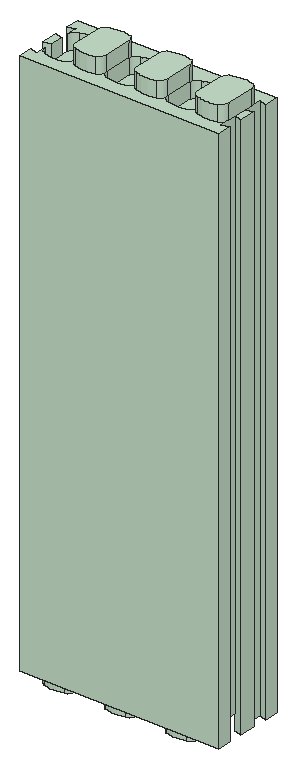
Revit family
Parameters (values of type "152 mm End Cap")
  URL = "www.nudura.com"
  Model = "152 mm End Cap"
  Manufacturer = "NUDURA Corporation"
Reference planes
  plane 1 "Center (Front/Back)": y = 0
  plane 2: z = 0
  plane 3 "Center (Left/Right)": x = 0
Forms (mm)
  Extrusion 1, solid, material "EPS- NUDURA- Foam Panel"
    sketch origin (0.042, 0, 0) x (1, 0, 0) y (0, 1, 0)
      loop
        line (0, 0) -> (165.1, 0) -> (165.1, 11.396) -> (158.75, 9.695) -> (158.75, 25.112) -> (165.1, 23.529) -> (165.1, 36.796) -> (158.75, 35.095) -> (158.75, 50.512) -> (165.1, 48.929) -> (165.1, 60.325) -> (0, 60.325) -> (0, 48.929) -> (6.35, 50.63) -> (6.35, 35.213) -> (0, 36.796) -> (0, 23.529) -> (6.35, 25.23) -> (6.35, 9.813) -> (0, 11.396) -> (0, 0)
    from 0 to 457.2
  Extrusion 2, void
    sketch origin (-0.354, 0, 0) x (1, 0, 0) y (0, 1, 0)
      loop
        arc (75.825, 50.506) -> (75.283, 49.316) -> (74.029, 48.946) r 1.575
        arc (74.029, 48.946) -> (67.927, 49.113) -> (61.943, 47.903) r 26.987
        arc (61.943, 47.903) -> (58.762, 45.597) -> (57.547, 41.861) r 6.35
        line (57.547, 41.861) -> (57.547, 18.464)
        arc (57.547, 18.464) -> (58.762, 14.728) -> (61.943, 12.422) r 6.35
        arc (61.943, 12.422) -> (70.247, 11.112) -> (78.551, 12.422) r 26.987
        arc (78.551, 12.422) -> (81.732, 14.728) -> (82.947, 18.464) r 6.35
        line (82.947, 18.464) -> (82.947, 41.861)
        arc (82.947, 41.861) -> (82.6, 43.93) -> (81.599, 45.773) r 6.35
        arc (81.599, 45.773) -> (81.35, 46.23) -> (81.265, 46.743) r 1.575
        line (81.265, 46.743) -> (81.265, 56.142) -> (75.825, 56.142) -> (75.825, 50.506)
    from 457.2 to 444.5
  Extrusion 3, void
    sketch origin (50.446, 0, 0) x (1, 0, 0) y (0, 1, 0)
      loop
        arc (75.825, 50.506) -> (75.283, 49.316) -> (74.029, 48.946) r 1.575
        arc (74.029, 48.946) -> (67.927, 49.113) -> (61.943, 47.903) r 26.987
        arc (61.943, 47.903) -> (58.762, 45.597) -> (57.547, 41.861) r 6.35
        line (57.547, 41.861) -> (57.547, 18.464)
        arc (57.547, 18.464) -> (58.762, 14.728) -> (61.943, 12.422) r 6.35
        arc (61.943, 12.422) -> (70.247, 11.112) -> (78.551, 12.422) r 26.987
        arc (78.551, 12.422) -> (81.732, 14.728) -> (82.947, 18.464) r 6.35
        line (82.947, 18.464) -> (82.947, 41.861)
        arc (82.947, 41.861) -> (82.6, 43.93) -> (81.599, 45.773) r 6.35
        arc (81.599, 45.773) -> (81.35, 46.23) -> (81.265, 46.743) r 1.575
        line (81.265, 46.743) -> (81.265, 56.142) -> (75.825, 56.142) -> (75.825, 50.506)
    from 457.2 to 444.5
  Extrusion 4, void
    sketch origin (-51.154, 0, 0) x (1, 0, 0) y (0, 1, 0)
      loop
        arc (75.825, 50.506) -> (75.283, 49.316) -> (74.029, 48.946) r 1.575
        arc (74.029, 48.946) -> (67.927, 49.113) -> (61.943, 47.903) r 26.987
        arc (61.943, 47.903) -> (58.762, 45.597) -> (57.547, 41.861) r 6.35
        line (57.547, 41.861) -> (57.547, 18.464)
        arc (57.547, 18.464) -> (58.762, 14.728) -> (61.943, 12.422) r 6.35
        arc (61.943, 12.422) -> (70.247, 11.112) -> (78.551, 12.422) r 26.987
        arc (78.551, 12.422) -> (81.732, 14.728) -> (82.947, 18.464) r 6.35
        line (82.947, 18.464) -> (82.947, 41.861)
        arc (82.947, 41.861) -> (82.6, 43.93) -> (81.599, 45.773) r 6.35
        arc (81.599, 45.773) -> (81.35, 46.23) -> (81.265, 46.743) r 1.575
        line (81.265, 46.743) -> (81.265, 56.142) -> (75.825, 56.142) -> (75.825, 50.506)
    from 457.2 to 444.5
  Extrusion 5, void
    sketch origin (0.042, 0, 0) x (1, 0, 0) y (0, 1, 0)
      loop
        line (140.472, 50.506) -> (140.472, 56.142) -> (135.032, 56.142) -> (135.032, 46.743)
        arc (135.032, 46.743) -> (134.946, 46.23) -> (134.698, 45.773) r 1.575
        arc (134.698, 45.773) -> (133.696, 43.93) -> (133.35, 41.861) r 6.35
        line (133.35, 41.861) -> (133.35, 18.464)
        arc (133.35, 18.464) -> (134.565, 14.728) -> (137.746, 12.422) r 6.35
        arc (137.746, 12.422) -> (146.05, 11.112) -> (154.354, 12.422) r 26.987
        arc (154.354, 12.422) -> (157.535, 14.728) -> (158.75, 18.464) r 6.35
        line (158.75, 18.464) -> (158.75, 41.861)
        arc (158.75, 41.861) -> (157.535, 45.597) -> (154.354, 47.903) r 6.35
        arc (154.354, 47.903) -> (148.37, 49.113) -> (142.268, 48.946) r 26.987
        arc (142.268, 48.946) -> (141.014, 49.316) -> (140.472, 50.506) r 1.575
      loop
        line (89.672, 50.506) -> (89.672, 56.142) -> (84.232, 56.142) -> (84.232, 46.743)
        arc (84.232, 46.743) -> (84.146, 46.23) -> (83.898, 45.773) r 1.575
        arc (83.898, 45.773) -> (82.896, 43.93) -> (82.55, 41.861) r 6.35
        line (82.55, 41.861) -> (82.55, 18.464)
        arc (82.55, 18.464) -> (83.765, 14.728) -> (86.946, 12.422) r 6.35
        arc (86.946, 12.422) -> (95.25, 11.112) -> (103.554, 12.422) r 26.987
        arc (103.554, 12.422) -> (106.735, 14.728) -> (107.95, 18.464) r 6.35
        line (107.95, 18.464) -> (107.95, 41.861)
        arc (107.95, 41.861) -> (106.735, 45.597) -> (103.554, 47.903) r 6.35
        arc (103.554, 47.903) -> (97.57, 49.113) -> (91.468, 48.946) r 26.987
        arc (91.468, 48.946) -> (90.214, 49.316) -> (89.672, 50.506) r 1.575
      loop
        line (38.872, 50.506) -> (38.872, 56.142) -> (33.432, 56.142) -> (33.432, 46.743)
        arc (33.432, 46.743) -> (33.346, 46.23) -> (33.098, 45.773) r 1.575
        arc (33.098, 45.773) -> (32.096, 43.93) -> (31.75, 41.861) r 6.35
        line (31.75, 41.861) -> (31.75, 18.464)
        arc (31.75, 18.464) -> (32.965, 14.728) -> (36.146, 12.422) r 6.35
        arc (36.146, 12.422) -> (44.45, 11.112) -> (52.754, 12.422) r 26.987
        arc (52.754, 12.422) -> (55.935, 14.728) -> (57.15, 18.464) r 6.35
        line (57.15, 18.464) -> (57.15, 41.861)
        arc (57.15, 41.861) -> (55.935, 45.597) -> (52.754, 47.903) r 6.35
        arc (52.754, 47.903) -> (46.77, 49.113) -> (40.668, 48.946) r 26.987
        arc (40.668, 48.946) -> (39.414, 49.316) -> (38.872, 50.506) r 1.575
    from 0 to 12.7
Cuts and joins
  Extrusion 2, Extrusion 3, Extrusion 4, Extrusion 5 cuts Extrusion 1
Dimensions and locks
  aligned and locked: level to plane 2
Nested families
  nested 1: "Capture Lugs" at (82.592, 142.875, 0), type "Capture Lugs"
  nested 2: "Interlock Tooth" at (31.792, 142.875, 0), type "Interlock Tooth"
  nested 3: "Interlock Tooth" at (82.592, 142.875, 0), type "Interlock Tooth"
  nested 4: "Interlock Tooth" at (133.392, 142.875, 0), type "Interlock Tooth"
  nested 5: "Interlock Tooth" at (107.992, 142.875, -469.9), type "Interlock Tooth"
  nested 6: "Interlock Tooth" at (57.192, 142.875, -469.9), type "Interlock Tooth"
  nested 7: "Interlock Tooth" at (6.392, 142.875, -469.9), type "Interlock Tooth"
  nested 8: "NUDURA Logo Diamond without Outside Line" at (-222.142, 0, 0), type "NUDURA Logo Diamond without Outside Line"
Definition of nested family "Capture Lugs"
  Reference planes
    plane 1 "Center (Front/Back)": y = 0
    plane 2: z = 0
    plane 3 "Center (Left/Right)": x = 0
  Forms (mm)
    Extrusion 1, solid, material "High Density Polystyrene- NUDURA"
      sketch origin (0, 0, 0) x (0, 1, 0) y (0, 0, 1)
        loop
          arc (-82.55, 0) -> (-81.817, 0.502) -> (-81.534, 1.344) r 1.397
          line (-81.534, 1.344) -> (-81.534, 449.4)
          arc (-81.534, 449.4) -> (-81.817, 450.243) -> (-82.55, 450.744) r 1.397
          line (-82.55, 450.744) -> (-82.55, 0)
      from 9.227 to -9.227
    Extrusion 2, solid, material "High Density Polystyrene- NUDURA"
      sketch origin (0, 0, 0) x (0, 1, 0) y (0, 0, 1)
        loop
          line (-81.534, 410.919) -> (-81.534, 380.439) -> (-68.834, 380.439) -> (-68.834, 410.919) -> (-81.534, 410.919)
        loop
          line (-81.534, 361.389) -> (-81.534, 330.909) -> (-68.834, 330.909) -> (-68.834, 361.389) -> (-81.534, 361.389)
        loop
          line (-81.534, 311.859) -> (-81.534, 281.379) -> (-68.834, 281.379) -> (-68.834, 311.859) -> (-81.534, 311.859)
        loop
          line (-81.534, 262.329) -> (-81.534, 234.897) -> (-68.834, 234.897) -> (-68.834, 262.329) -> (-81.534, 262.329)
        loop
          line (-81.534, 215.847) -> (-81.534, 188.415) -> (-68.834, 188.415) -> (-68.834, 215.847) -> (-81.534, 215.847)
        loop
          line (-81.534, 169.365) -> (-81.534, 138.885) -> (-68.834, 138.885) -> (-68.834, 169.365) -> (-81.534, 169.365)
        loop
          line (-81.534, 119.835) -> (-81.534, 89.355) -> (-68.834, 89.355) -> (-68.834, 119.835) -> (-81.534, 119.835)
        loop
          line (-81.534, 70.305) -> (-81.534, 39.825) -> (-68.834, 39.825) -> (-68.834, 70.305) -> (-81.534, 70.305)
      from 6.35 to -6.35
    Extrusion 3, void
      sketch origin (0, 0, 0) x (1, 0, 0) y (0, 1, 0)
        loop
          arc (-6.35, -70.929) -> (-5.736, -69.448) -> (-4.255, -68.834) r 2.095
          line (-4.255, -68.834) -> (-6.35, -68.834) -> (-6.35, -70.929)
      from 0 to 457.2
    Extrusion 4, void
      sketch origin (0, 0, 0) x (-1, 0, 0) y (0, -1, 0)
        loop
          line (-6.35, 70.929) -> (-6.35, 68.834) -> (-4.255, 68.834)
          arc (-4.255, 68.834) -> (-5.736, 69.448) -> (-6.35, 70.929) r 2.095
      from 0 to 457.2
    Extrusion 5, void
      sketch origin (0, 0, 0) x (1, 0, 0) y (0, 1, 0)
        loop
          arc (-1.191, -72.009) -> (0, -78.127) -> (1.191, -72.009) r 3.175
          line (1.191, -72.009) -> (1.191, -68.834) -> (-1.191, -68.834) -> (-1.191, -72.009)
      from 0 to 457.2
  Cuts and joins
    Extrusion 3, Extrusion 4 cuts Extrusion 1
    Extrusion 3, Extrusion 4, Extrusion 5 cuts Extrusion 2
Definition of nested family "Interlock Tooth"
  Reference planes
    plane 1 "Center (Front/Back)": y = 0
    plane 2: z = 0
    plane 3 "Center (Left/Right)": x = 0
    plane 4: z = 457.2
    plane 5: z = 469.9
    plane 6: z = -12.7
  Forms (mm)
    Extrusion 1, solid, material "EPS- NUDURA- Foam Panel"
      sketch origin (0, -225.425, 0) x (1, 0, 0) y (0, 1, 0)
        loop
          arc (0, 101.014) -> (1.215, 97.278) -> (4.396, 94.972) r 6.35
          arc (4.396, 94.972) -> (12.7, 93.663) -> (21.004, 94.972) r 26.988
          arc (21.004, 94.972) -> (24.185, 97.278) -> (25.4, 101.014) r 6.35
          line (25.4, 101.014) -> (25.4, 124.411)
          arc (25.4, 124.411) -> (24.185, 128.147) -> (21.004, 130.453) r 6.35
          arc (21.004, 130.453) -> (12.7, 131.763) -> (4.396, 130.453) r 26.987
          arc (4.396, 130.453) -> (1.215, 128.147) -> (0, 124.411) r 6.35
          line (0, 124.411) -> (0, 101.014)
      from 457.2 to 469.9
  Dimensions and locks
    locked: plane 4 to level at 457.2
    locked: plane 4 to plane 5 at 12.7
    locked: plane 6 to level at 12.7
Definition of nested family "NUDURA Logo Diamond without Outside Line"
  Reference planes
    plane 1 "Center (Front/Back)": y = 0
    plane 2: z = 0
    plane 3 "Center (Left/Right)": x = 0
  Lines and regions (mm)
    model lines
      curve 1: line (320.001, 0, 444.526) -> (311.021, 0, 453.507)
      curve 2: line (313.973, 0, 425.925) -> (320.001, 0, 431.954)
      curve 3: line (320.001, 0, 406.426) -> (313.973, 0, 412.455)
      curve 4: line (313.973, 0, 387.825) -> (320.001, 0, 393.854)
      curve 5: line (320.001, 0, 368.326) -> (313.973, 0, 374.355)
      curve 6: line (313.973, 0, 349.725) -> (320.001, 0, 355.754)
      curve 7: line (309.225, 0, 337.411) -> (322.887, 0, 323.749)
      curve 8: line (322.887, 0, 323.749) -> (324.683, 0, 325.545)
      curve 9: line (286.583, 0, 323.749) -> (300.245, 0, 337.411)
      curve 10: line (295.497, 0, 336.255) -> (284.787, 0, 325.545)
      curve 11: line (289.468, 0, 355.754) -> (295.497, 0, 349.725)
      curve 12: line (295.497, 0, 374.355) -> (289.468, 0, 368.326)
      curve 13: line (289.468, 0, 393.854) -> (295.497, 0, 387.825)
      curve 14: line (295.497, 0, 412.455) -> (289.468, 0, 406.426)
      curve 15: line (289.468, 0, 431.954) -> (295.497, 0, 425.925)
      curve 16: line (298.449, 0, 453.507) -> (289.468, 0, 444.526)
      curve 17: line (300.245, 0, 451.711) -> (291.265, 0, 442.73)
      curve 18: line (318.205, 0, 442.73) -> (309.225, 0, 451.711)
      curve 19: line (309.225, 0, 424.77) -> (318.205, 0, 433.75)
      curve 20: line (291.265, 0, 433.75) -> (300.245, 0, 424.77)
      curve 21: arc (289.468, 0, 444.526) -> (286.865, 0, 438.24) -> (289.468, 0, 431.954) r 8.89
      curve 22: arc (298.449, 0, 453.507) -> (304.735, 0, 456.111) -> (311.021, 0, 453.507) r 8.89
      curve 23: arc (291.265, 0, 442.73) -> (289.405, 0, 438.24) -> (291.265, 0, 433.75) r 6.35
      curve 24: arc (318.205, 0, 442.73) -> (320.065, 0, 438.24) -> (318.205, 0, 433.75) r 6.35
      curve 25: arc (309.225, 0, 424.77) -> (304.735, 0, 422.91) -> (300.245, 0, 424.77) r 6.35
      curve 26: arc (300.245, 0, 451.711) -> (304.735, 0, 453.571) -> (309.225, 0, 451.711) r 6.35
      curve 27: arc (320.001, 0, 444.526) -> (322.605, 0, 438.24) -> (320.001, 0, 431.954) r 8.89
      curve 28: arc (295.497, 0, 425.925) -> (298.287, 0, 419.19) -> (295.497, 0, 412.455) r 9.525
      curve 29: arc (313.973, 0, 425.925) -> (311.183, 0, 419.19) -> (313.973, 0, 412.455) r 9.525
      curve 30: line (313.973, 0, 387.825) -> (320.001, 0, 393.854)
      curve 31: line (289.468, 0, 393.854) -> (295.497, 0, 387.825)
      curve 32: line (300.245, 0, 413.611) -> (291.265, 0, 404.63)
      curve 33: line (318.205, 0, 404.63) -> (309.225, 0, 413.611)
      curve 34: line (309.225, 0, 386.67) -> (318.205, 0, 395.65)
      curve 35: line (291.265, 0, 395.65) -> (300.245, 0, 386.67)
      curve 36: arc (289.468, 0, 406.426) -> (286.865, 0, 400.14) -> (289.468, 0, 393.854) r 8.89
      curve 37: arc (291.265, 0, 404.63) -> (289.405, 0, 400.14) -> (291.265, 0, 395.65) r 6.35
      curve 38: arc (318.205, 0, 404.63) -> (320.065, 0, 400.14) -> (318.205, 0, 395.65) r 6.35
      curve 39: arc (309.225, 0, 386.67) -> (304.735, 0, 384.81) -> (300.245, 0, 386.67) r 6.35
      curve 40: arc (300.245, 0, 413.611) -> (304.735, 0, 415.471) -> (309.225, 0, 413.611) r 6.35
      curve 41: arc (320.001, 0, 406.426) -> (322.605, 0, 400.14) -> (320.001, 0, 393.854) r 8.89
      curve 42: line (295.497, 0, 412.455) -> (289.468, 0, 406.426)
      curve 43: line (320.001, 0, 406.426) -> (313.973, 0, 412.455)
      curve 44: arc (295.497, 0, 387.825) -> (298.287, 0, 381.09) -> (295.497, 0, 374.355) r 9.525
      curve 45: arc (313.973, 0, 387.825) -> (311.183, 0, 381.09) -> (313.973, 0, 374.355) r 9.525
      curve 46: line (313.973, 0, 349.725) -> (320.001, 0, 355.754)
      curve 47: line (289.468, 0, 355.754) -> (295.497, 0, 349.725)
      curve 48: line (300.245, 0, 375.511) -> (291.265, 0, 366.53)
      curve 49: line (318.205, 0, 366.53) -> (309.225, 0, 375.511)
      curve 50: line (309.225, 0, 348.57) -> (318.205, 0, 357.55)
      curve 51: line (291.265, 0, 357.55) -> (300.245, 0, 348.57)
      curve 52: arc (289.468, 0, 368.326) -> (286.865, 0, 362.04) -> (289.468, 0, 355.754) r 8.89
      curve 53: arc (291.265, 0, 366.53) -> (289.405, 0, 362.04) -> (291.265, 0, 357.55) r 6.35
      curve 54: arc (318.205, 0, 366.53) -> (320.065, 0, 362.04) -> (318.205, 0, 357.55) r 6.35
      curve 55: arc (309.225, 0, 348.57) -> (304.735, 0, 346.71) -> (300.245, 0, 348.57) r 6.35
      curve 56: arc (300.245, 0, 375.511) -> (304.735, 0, 377.371) -> (309.225, 0, 375.511) r 6.35
      curve 57: arc (320.001, 0, 368.326) -> (322.605, 0, 362.04) -> (320.001, 0, 355.754) r 8.89
      curve 58: line (295.497, 0, 374.355) -> (289.468, 0, 368.326)
      curve 59: arc (295.497, 0, 349.725) -> (298.287, 0, 342.99) -> (295.497, 0, 336.255) r 9.525
      curve 60: arc (313.973, 0, 349.725) -> (311.183, 0, 342.99) -> (313.973, 0, 336.255) r 9.525
      curve 61: line (324.683, 0, 325.545) -> (313.973, 0, 336.255)
      curve 62: line (284.787, 0, 325.545) -> (286.583, 0, 323.749)
      curve 63: arc (300.245, 0, 337.411) -> (304.735, 0, 339.271) -> (309.225, 0, 337.411) r 6.35
      curve 64: line (320.001, 0, 12.854) -> (311.021, 0, 3.874)
      curve 65: line (313.973, 0, 31.455) -> (320.001, 0, 25.426)
      curve 66: line (320.001, 0, 50.954) -> (313.973, 0, 44.925)
      curve 67: line (313.973, 0, 69.555) -> (320.001, 0, 63.526)
      curve 68: line (320.001, 0, 89.054) -> (313.973, 0, 83.025)
      curve 69: line (313.973, 0, 107.655) -> (320.001, 0, 101.626)
      curve 70: line (309.225, 0, 119.97) -> (322.887, 0, 133.632)
      curve 71: line (322.887, 0, 133.632) -> (324.683, 0, 131.836)
      curve 72: line (286.583, 0, 133.632) -> (300.245, 0, 119.97)
      curve 73: line (295.497, 0, 121.125) -> (284.787, 0, 131.836)
      curve 74: line (289.468, 0, 101.626) -> (295.497, 0, 107.655)
      curve 75: line (295.497, 0, 83.025) -> (289.468, 0, 89.054)
      curve 76: line (289.468, 0, 63.526) -> (295.497, 0, 69.555)
      curve 77: line (295.497, 0, 44.925) -> (289.468, 0, 50.954)
      curve 78: line (289.468, 0, 25.426) -> (295.497, 0, 31.455)
      curve 79: line (298.449, 0, 3.874) -> (289.468, 0, 12.854)
      curve 80: line (300.245, 0, 5.67) -> (291.265, 0, 14.65)
      curve 81: line (318.205, 0, 14.65) -> (309.225, 0, 5.67)
      curve 82: line (309.225, 0, 32.611) -> (318.205, 0, 23.63)
      curve 83: line (291.265, 0, 23.63) -> (300.245, 0, 32.611)
      curve 84: arc (289.468, 0, 12.854) -> (286.865, 0, 19.14) -> (289.468, 0, 25.426) r 8.89
      curve 85: arc (298.449, 0, 3.874) -> (304.735, 0, 1.27) -> (311.021, 0, 3.874) r 8.89
      curve 86: arc (291.265, 0, 14.65) -> (289.405, 0, 19.14) -> (291.265, 0, 23.63) r 6.35
      curve 87: arc (318.205, 0, 14.65) -> (320.065, 0, 19.14) -> (318.205, 0, 23.63) r 6.35
      curve 88: arc (309.225, 0, 32.611) -> (304.735, 0, 34.471) -> (300.245, 0, 32.611) r 6.35
      curve 89: arc (300.245, 0, 5.67) -> (304.735, 0, 3.81) -> (309.225, 0, 5.67) r 6.35
      curve 90: arc (320.001, 0, 12.854) -> (322.605, 0, 19.14) -> (320.001, 0, 25.426) r 8.89
      curve 91: arc (295.497, 0, 31.455) -> (298.287, 0, 38.19) -> (295.497, 0, 44.925) r 9.525
      curve 92: arc (313.973, 0, 31.455) -> (311.183, 0, 38.19) -> (313.973, 0, 44.925) r 9.525
      curve 93: line (313.973, 0, 69.555) -> (320.001, 0, 63.526)
      curve 94: line (289.468, 0, 63.526) -> (295.497, 0, 69.555)
      curve 95: line (300.245, 0, 43.77) -> (291.265, 0, 52.75)
      curve 96: line (318.205, 0, 52.75) -> (309.225, 0, 43.77)
      curve 97: line (309.225, 0, 70.711) -> (318.205, 0, 61.73)
      curve 98: line (291.265, 0, 61.73) -> (300.245, 0, 70.711)
      curve 99: arc (289.468, 0, 50.954) -> (286.865, 0, 57.24) -> (289.468, 0, 63.526) r 8.89
      curve 100: arc (291.265, 0, 52.75) -> (289.405, 0, 57.24) -> (291.265, 0, 61.73) r 6.35
      curve 101: arc (318.205, 0, 52.75) -> (320.065, 0, 57.24) -> (318.205, 0, 61.73) r 6.35
      curve 102: arc (309.225, 0, 70.711) -> (304.735, 0, 72.571) -> (300.245, 0, 70.711) r 6.35
      curve 103: arc (300.245, 0, 43.77) -> (304.735, 0, 41.91) -> (309.225, 0, 43.77) r 6.35
      curve 104: arc (320.001, 0, 50.954) -> (322.605, 0, 57.24) -> (320.001, 0, 63.526) r 8.89
      curve 105: line (295.497, 0, 44.925) -> (289.468, 0, 50.954)
      curve 106: line (320.001, 0, 50.954) -> (313.973, 0, 44.925)
      curve 107: arc (295.497, 0, 69.555) -> (298.287, 0, 76.29) -> (295.497, 0, 83.025) r 9.525
      curve 108: arc (313.973, 0, 69.555) -> (311.183, 0, 76.29) -> (313.973, 0, 83.025) r 9.525
      curve 109: line (313.973, 0, 107.655) -> (320.001, 0, 101.626)
      curve 110: line (289.468, 0, 101.626) -> (295.497, 0, 107.655)
      curve 111: line (300.245, 0, 81.87) -> (291.265, 0, 90.85)
      curve 112: line (318.205, 0, 90.85) -> (309.225, 0, 81.87)
      curve 113: line (309.225, 0, 108.811) -> (318.205, 0, 99.83)
      curve 114: line (291.265, 0, 99.83) -> (300.245, 0, 108.811)
      curve 115: arc (289.468, 0, 89.054) -> (286.865, 0, 95.34) -> (289.468, 0, 101.626) r 8.89
      curve 116: arc (291.265, 0, 90.85) -> (289.405, 0, 95.34) -> (291.265, 0, 99.83) r 6.35
      curve 117: arc (318.205, 0, 90.85) -> (320.065, 0, 95.34) -> (318.205, 0, 99.83) r 6.35
      curve 118: arc (309.225, 0, 108.811) -> (304.735, 0, 110.671) -> (300.245, 0, 108.811) r 6.35
      curve 119: arc (300.245, 0, 81.87) -> (304.735, 0, 80.01) -> (309.225, 0, 81.87) r 6.35
      curve 120: arc (320.001, 0, 89.054) -> (322.605, 0, 95.34) -> (320.001, 0, 101.626) r 8.89
      curve 121: line (295.497, 0, 83.025) -> (289.468, 0, 89.054)
      curve 122: arc (295.497, 0, 107.655) -> (298.287, 0, 114.39) -> (295.497, 0, 121.125) r 9.525
      curve 123: arc (313.973, 0, 107.655) -> (311.183, 0, 114.39) -> (313.973, 0, 121.125) r 9.525
      curve 124: line (324.683, 0, 131.836) -> (313.973, 0, 121.125)
      curve 125: line (284.787, 0, 131.836) -> (286.583, 0, 133.632)
      curve 126: arc (300.245, 0, 119.97) -> (304.735, 0, 118.11) -> (309.225, 0, 119.97) r 6.35
      curve 127: line (314.26, 0, 317.59) -> (295.21, 0, 317.59)
      curve 128: line (323.785, 0, 149.315) -> (323.785, 0, 308.065)
      curve 129: line (285.685, 0, 308.065) -> (285.685, 0, 149.315)
      curve 130: line (295.21, 0, 139.79) -> (314.26, 0, 139.79)
      curve 131: line (316.797, 0, 304.89) -> (305.798, 0, 311.24)
      curve 132: line (316.797, 0, 292.19) -> (316.797, 0, 304.89)
      curve 133: line (311.298, 0, 289.015) -> (316.797, 0, 292.19)
      curve 134: line (305.373, 0, 292.436) -> (311.298, 0, 289.015)
      curve 135: line (310.447, 0, 295.365) -> (305.373, 0, 292.436)
      curve 136: line (299.874, 0, 307.82) -> (310.447, 0, 301.715)
      curve 137: line (310.447, 0, 301.715) -> (310.447, 0, 295.365)
      curve 138: line (305.798, 0, 311.24) -> (299.874, 0, 307.82)
      curve 139: line (299.023, 0, 295.611) -> (304.097, 0, 298.54)
      curve 140: line (304.097, 0, 298.54) -> (298.172, 0, 301.961)
      curve 141: line (298.172, 0, 301.961) -> (292.673, 0, 298.786)
      curve 142: line (292.673, 0, 298.786) -> (292.673, 0, 286.086)
      curve 143: line (299.023, 0, 289.261) -> (299.023, 0, 295.611)
      curve 144: line (309.596, 0, 283.156) -> (299.023, 0, 289.261)
      curve 145: line (303.671, 0, 279.736) -> (309.596, 0, 283.156)
      curve 146: line (292.673, 0, 286.086) -> (303.671, 0, 279.736)
      curve 147: line (312.702, 0, 269.344) -> (296.768, 0, 272.912)
      curve 148: line (296.768, 0, 272.912) -> (296.768, 0, 267.036)
      curve 149: line (296.768, 0, 267.036) -> (308.089, 0, 264.517)
      curve 150: line (308.089, 0, 264.517) -> (296.768, 0, 260.949)
      curve 151: line (296.768, 0, 260.949) -> (296.768, 0, 251.084)
      curve 152: line (296.768, 0, 251.084) -> (309.138, 0, 248.314)
      curve 153: line (309.138, 0, 248.314) -> (309.138, 0, 247.516)
      curve 154: line (309.138, 0, 247.516) -> (301.281, 0, 248.991)
      curve 155: line (296.768, 0, 245.246) -> (296.768, 0, 237.71)
      curve 156: line (306.598, 0, 222.094) -> (306.598, 0, 228.599)
      curve 157: line (306.598, 0, 228.599) -> (296.768, 0, 230.786)
      curve 158: line (296.768, 0, 230.786) -> (296.768, 0, 215.343)
      curve 159: line (302.723, 0, 230.274) -> (312.702, 0, 228.039)
      curve 160: line (300.341, 0, 217.291) -> (300.341, 0, 223.486)
      curve 161: line (300.341, 0, 223.486) -> (306.598, 0, 222.094)
      curve 162: line (296.768, 0, 205.027) -> (296.768, 0, 197.49)
      curve 163: line (302.723, 0, 190.055) -> (310.162, 0, 188.389)
      curve 164: line (310.162, 0, 188.389) -> (310.162, 0, 176.633)
      curve 165: line (308.892, 0, 175.363) -> (307.868, 0, 175.363)
      curve 166: line (306.598, 0, 176.633) -> (306.598, 0, 180.004)
      curve 167: line (306.598, 0, 180.004) -> (307.868, 0, 179.719)
      curve 168: line (307.868, 0, 179.719) -> (307.868, 0, 186.3)
      curve 169: line (307.868, 0, 186.3) -> (296.768, 0, 188.785)
      curve 170: line (296.768, 0, 188.785) -> (296.768, 0, 182.205)
      curve 171: line (296.768, 0, 182.205) -> (304.058, 0, 180.572)
      curve 172: line (304.058, 0, 180.572) -> (304.058, 0, 177.654)
      curve 173: line (302.788, 0, 176.384) -> (296.768, 0, 176.384)
      curve 174: line (296.768, 0, 176.384) -> (296.768, 0, 164.003)
      curve 175: line (296.768, 0, 164.003) -> (299.284, 0, 162.219)
      curve 176: line (299.284, 0, 162.219) -> (299.284, 0, 153.715)
      curve 177: line (307.942, 0, 156.079) -> (301.824, 0, 160.418)
      curve 178: line (301.824, 0, 160.418) -> (301.824, 0, 154.409)
      curve 179: line (301.824, 0, 154.409) -> (307.942, 0, 156.079)
      curve 180: line (299.284, 0, 153.715) -> (296.768, 0, 153.028)
      curve 181: line (296.768, 0, 153.028) -> (296.768, 0, 146.14)
      curve 182: line (296.768, 0, 146.14) -> (312.702, 0, 150.491)
      curve 183: line (312.702, 0, 150.491) -> (312.702, 0, 159.713)
      curve 184: line (312.702, 0, 159.713) -> (298.767, 0, 169.594)
      curve 185: line (298.767, 0, 169.594) -> (302.342, 0, 169.594)
      curve 186: line (312.702, 0, 172.383) -> (312.702, 0, 193.945)
      curve 187: line (312.702, 0, 193.945) -> (302.326, 0, 196.268)
      curve 188: line (300.341, 0, 198.747) -> (300.341, 0, 201.381)
      curve 189: line (301.888, 0, 202.62) -> (312.702, 0, 200.199)
      curve 190: line (312.702, 0, 200.199) -> (312.702, 0, 206.628)
      curve 191: line (312.702, 0, 206.628) -> (306.843, 0, 207.728)
      curve 192: line (312.702, 0, 212.942) -> (312.702, 0, 227.241)
      curve 193: line (312.702, 0, 227.241) -> (309.138, 0, 228.034)
      curve 194: line (309.138, 0, 228.034) -> (309.138, 0, 217.291)
      curve 195: line (312.702, 0, 228.039) -> (312.702, 0, 234.164)
      curve 196: line (312.702, 0, 234.164) -> (302.326, 0, 236.488)
      curve 197: line (300.341, 0, 238.966) -> (300.341, 0, 241.6)
      curve 198: line (301.736, 0, 242.874) -> (312.702, 0, 240.418)
      curve 199: line (312.702, 0, 240.418) -> (312.702, 0, 253.611)
      curve 200: line (312.702, 0, 253.611) -> (302.429, 0, 255.912)
      curve 201: line (302.429, 0, 255.912) -> (312.702, 0, 259.27)
      curve 202: line (312.702, 0, 259.27) -> (312.702, 0, 269.344)
      curve 203: arc (296.768, 0, 245.246) -> (298.145, 0, 248.178) -> (301.281, 0, 248.991) r 3.81
      curve 204: arc (296.768, 0, 237.71) -> (298.44, 0, 232.946) -> (302.723, 0, 230.274) r 7.62
      curve 205: arc (300.842, 0, 208.826) -> (297.87, 0, 211.5) -> (296.768, 0, 215.343) r 7.251
      curve 206: arc (296.768, 0, 205.027) -> (297.979, 0, 207.812) -> (300.842, 0, 208.826) r 3.808
      curve 207: arc (296.768, 0, 197.49) -> (298.44, 0, 192.727) -> (302.723, 0, 190.055) r 7.62
      curve 208: arc (300.341, 0, 198.747) -> (300.898, 0, 197.159) -> (302.326, 0, 196.268) r 2.54
      curve 209: arc (300.341, 0, 201.381) -> (300.817, 0, 202.372) -> (301.888, 0, 202.62) r 1.27
      curve 210: arc (307.868, 0, 175.363) -> (306.969, 0, 175.735) -> (306.598, 0, 176.633) r 1.27
      curve 211: arc (308.892, 0, 175.363) -> (309.79, 0, 175.735) -> (310.162, 0, 176.633) r 1.27
      curve 212: arc (304.058, 0, 177.654) -> (303.686, 0, 176.756) -> (302.788, 0, 176.384) r 1.27
      curve 213: arc (302.342, 0, 169.594) -> (303.976, 0, 170.198) -> (304.826, 0, 171.718) r 2.516
      curve 214: arc (304.826, 0, 171.718) -> (309.07, 0, 168.432) -> (312.702, 0, 172.383) r 3.966
      curve 215: arc (306.843, 0, 207.728) -> (310.942, 0, 209.02) -> (312.702, 0, 212.942) r 5.249
      curve 216: arc (300.341, 0, 217.291) -> (304.739, 0, 212.893) -> (309.138, 0, 217.291) r 4.398
      curve 217: arc (300.341, 0, 238.966) -> (300.898, 0, 237.378) -> (302.326, 0, 236.488) r 2.54
      curve 218: arc (300.341, 0, 241.6) -> (300.886, 0, 242.648) -> (302.057, 0, 242.802) r 1.279
      curve 219: arc (285.685, 0, 308.065) -> (288.475, 0, 314.8) -> (295.21, 0, 317.59) r 9.525
      curve 220: arc (314.26, 0, 317.59) -> (320.995, 0, 314.8) -> (323.785, 0, 308.065) r 9.525
      curve 221: arc (285.685, 0, 149.315) -> (288.475, 0, 142.58) -> (295.21, 0, 139.79) r 9.525
      curve 222: arc (314.26, 0, 139.79) -> (320.995, 0, 142.58) -> (323.785, 0, 149.315) r 9.525
      curve 223: line (253.935, 0, 457.2) -> (253.935, 0, 0)
      curve 224: line (355.535, 0, 457.2) -> (355.535, 0, 0)
